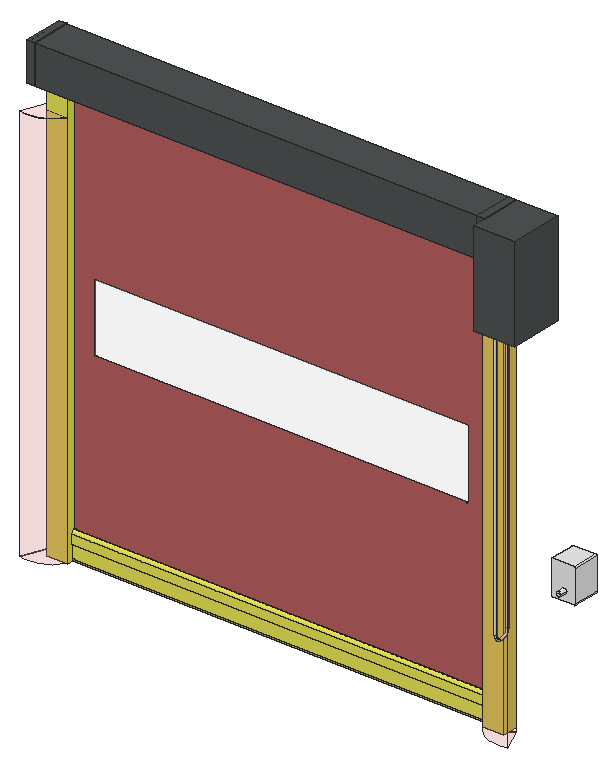
Revit family "Doors_Garage_Overhead-Door-Corporation_RapidFlex-High-Speed-Interior-Fabric-Door-991", category Specialty Equipment, host Wall, Revit 2019 (continued)
Definition of nested family "Panel"
  Forms (in)
    Extrusion 3, void
      sketch origin (0, 0, 0) x (1, 0, 0) y (0, 0, 1)
        loop
          line (-54, 75) -> (-54, 55) -> (54, 55) -> (54, 75) -> (-54, 75)
      from 0 to 0.16
    Extrusion 4, void
      sketch origin (0, 0, 0) x (1, 0, 0) y (0, 0, 1)
        loop
          line (-54, 75) -> (-54, 55) -> (54, 55) -> (54, 75) -> (-54, 75)
      from 0 to 0.16
    Extrusion 5, void
      sketch origin (0, 0, 0) x (1, 0, 0) y (0, 0, 1)
        loop
          line (54, 75) -> (-54, 75) -> (-54, 55) -> (54, 55) -> (54, 75)
      from 0 to 0.16
    Extrusion 6, solid, material <- "Panel Material", visible <- "No VP"
      sketch origin (0, 0, 0) x (1, 0, 0) y (0, 0, 1)
        loop
          line (-60, 0.5) -> (60, 0.5) -> (60, 125.62) -> (-60, 125.62) -> (-60, 0.5)
      from 0 to 0.16
    Extrusion 7, solid, material <- "Window Material", visible <- "1 Window"
      sketch origin (0, 0, 0) x (1, 0, 0) y (0, 0, 1)
        loop
          line (-54, 75) -> (-54, 55) -> (54, 55) -> (54, 75) -> (-54, 75)
      from 0 to 0.16 <- "Window Thickness"
    Extrusion 8, solid, material <- "Window Material", visible <- "Many Window"
      sketch origin (101.02023, 0, -3) x (1, 0, 0) y (0, 0, 1)
        loop
          line (-155.02023, 78) -> (-155.02023, 58) -> (-47.02023, 58) -> (-47.02023, 78) -> (-155.02023, 78)
      from 0 to 0.16
    Extrusion 9, solid, material <- "Window Material", visible <- "Many Window"
      sketch origin (101.02023, 0, -3) x (1, 0, 0) y (0, 0, 1)
        loop
          line (-155.02023, 78) -> (-155.02023, 58) -> (-47.02023, 58) -> (-47.02023, 78) -> (-155.02023, 78)
      from 0 to 0.16
  Cuts and joins
    Extrusion 3, Extrusion 4, Extrusion 5 cuts Extrusion 1
  Dimensions and locks (in)
    equal spacing: plane 5, plane 3 "Center (Left/Right)", plane 6
    "Width": plane 5 to plane 6
    "Height Real": plane 4 to level
    locked: plane 7 to plane 5 at 6
    locked: plane 6 to plane 8 at 6
    "New Offset": plane 11 to level
    "Window Height": plane 12 to plane 11
    locked: Extrusion 1 sketch curve to level at 0.5
    locked: Extrusion 6 sketch curve to level at 0.5
    locked: plane 7 to plane 9 at 12
    locked: plane 8 to plane 10 at 12
    "1 Window Offset": plane 5 to plane 14
    equal spacing: Extrusion 3 sketch curve, plane 14, Extrusion 3 sketch curve
    "Window Width": Extrusion 3 sketch curve to Extrusion 3 sketch curve
    "Window Width": plane 9 to Extrusion 4 sketch curve
    "Window Width": plane 10 to Extrusion 5 sketch curve
    equal spacing: Extrusion 2 sketch curve, plane 3 "Center (Left/Right)", Extrusion 2 sketch curve
    "Window Width": Extrusion 2 sketch curve to Extrusion 2 sketch curve
    equal spacing: plane 12, plane 15, plane 11
    equal spacing: Extrusion 7 sketch curve, plane 3 "Center (Left/Right)", cut or joined group of Extrusion 1, Extrusion 3, Extrusion 4, Extrusion 5
    "Window Width": Extrusion 7 sketch curve to Extrusion 7 sketch curve
    "Window Width": Extrusion 8 sketch curve to Extrusion 8 sketch curve
    "Window Width": Extrusion 9 sketch curve to Extrusion 9 sketch curve
    group 2 to group 1 = 0' - 0"
    group 1 to group 2 = 0' - 0"  (x2)
    aligned and locked: plane 2 to level
    aligned and locked: Extrusion 1 sketch curve to plane 5
    aligned and locked: Extrusion 1 sketch curve to plane 6
    aligned and locked: Extrusion 1 sketch curve to plane 4
    aligned and locked: Extrusion 2 sketch curve to plane 12
    aligned and locked: Extrusion 2 sketch curve to plane 11
    aligned and locked: Extrusion 4 sketch curve to plane 12
    aligned and locked: Extrusion 4 sketch curve to plane 11
    aligned and locked: Extrusion 4 sketch curve to plane 9
    aligned and locked: Extrusion 5 sketch curve to plane 10
    aligned and locked: Extrusion 5 sketch curve to plane 12
    aligned and locked: Extrusion 5 sketch curve to plane 11
    aligned and locked: Extrusion 6 sketch curve to plane 5
    aligned and locked: Extrusion 6 sketch curve to plane 6
    aligned and locked: Extrusion 6 sketch curve to plane 4
    aligned and locked: Extrusion 3 sketch curve to plane 12
    aligned and locked: plane 11 to Extrusion 3 sketch curve
    aligned and locked: Extrusion 6 to plane 6
    aligned and locked: Extrusion 7 sketch curve to plane 12
    aligned and locked: plane 11 to Extrusion 7 sketch curve
    aligned and locked: plane 9 to Extrusion 8
    aligned and locked: plane 10 to Extrusion 9
    aligned and locked: Extrusion 9 to plane 11
    aligned and locked: Extrusion 8 to plane 11
  Automatic sketch dimensions
    Extrusion 8 sketch curve to Extrusion 8 sketch curve = 1' - 8"
    Extrusion 9 sketch curve to Extrusion 9 sketch curve = 1' - 8"
Types (7): name | Three Phase Controller | One Phase Controller | External Transformer | Voltage | Product Guid | Number of Poles | Apparent Load Phase 3 | Apparent Load Phase 2 | Apparent Load Phase 1
  115 volts, one phase, 60 Hz (110-120V range) | no | yes | no | 115 V | "43ac61dc-bc52-4794-8490-39b0333cf0e0" | 1 | 0 VA | 0 VA | 2300 VA
  208 volts, one phase, 60 Hz (190-207V range) | no | yes | yes | 208 V | "43ac61dc-bc52-4794-8490-39b0333cf0e0" | 1 | 0 VA | 0 VA | 4160 VA
  208 volts, three phase, 60 Hz (190-207 V range) | yes | no | yes | 208 V | "43ac61dc-bc52-4794-8490-39b0333cf0e0\r\n43ac61dc-bc52-4794-8490-39b0333cf0e0" | 3 | 2401.78 VA | 2401.78 VA | 2401.78 VA
  230 volts, one phase, 60 Hz (208-245V range) | no | yes | no | 230 V | "43ac61dc-bc52-4794-8490-39b0333cf0e0" | 1 | 0 VA | 0 VA | 4600 VA
  230 volts, three phase, 60 Hz (208-245 V range) | yes | no | no | 230 V | "43ac61dc-bc52-4794-8490-39b0333cf0e0" | 3 | 2655.81 VA | 2655.81 VA | 2655.81 VA
  460 volts, three phase, 60 Hz (456-495 V range) | yes | no | no | 460 V | "43ac61dc-bc52-4794-8490-39b0333cf0e0" | 3 | 5311.62 VA | 5311.62 VA | 5311.62 VA
  575 volts, three phase, 60 Hz | yes | no | yes | 575 V | "43ac61dc-bc52-4794-8490-39b0333cf0e0" | 3 | 6639.53 VA | 6639.53 VA | 6639.53 VA
